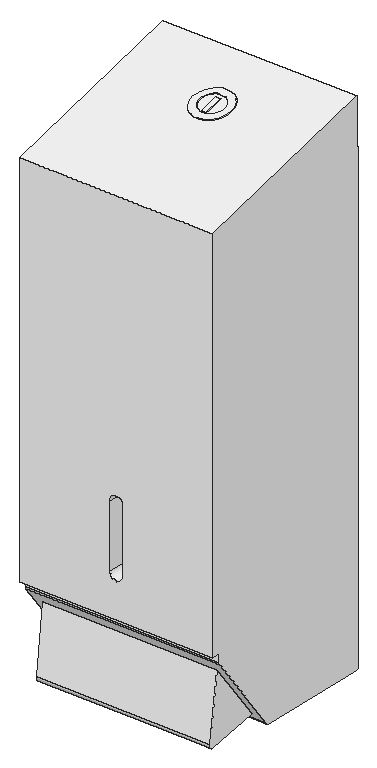
Revit family "IDP_Furniture_DIS930-SOAP DISPENSER", category Furniture, Revit 2026
Family settings
  Work Plane-Based = No
  Enable Cutting in Views = Yes
  Always vertical = Yes
  Cut with Voids When Loaded = No
  Render Appearance Source = Family Geometry
  Shared = Yes
  Room Calculation Point = No
Parameters (values of type "DIS930")
  Uniclass2015_Pr = "Pr_40_70_22_81 : Soap dispensers"
  SFG20 = ""
  NRM3 = ""
  NRM1 = ""
  Height = 0 mm
  DispenserLockMaterial = NBS_Concept
  DispenserCaseMaterial = NBS_Concept
  Description = "SOAP DISPENSER"
  Default Elevation = 1000 mm
  ADBUserData1 = "R1"
  ADBGroup = "2"
  ADBDescription = "DISPENSER, soap, 1litre, automatic (non-touch), wall mounted"
  ADBCode = "DIS930"
Reference planes
  plane 1 "Center (Front/Back)": y = 0
  plane 2: z = 0
  plane 3 "Center (Left/Right)": x = 0
  plane 4: through (-56, -60.459, 1.421) normal (0, -0.7986, -0.6018)
  plane 5: through (-56, -87.182, 36.884) normal (0, 0.7986, 0.6018)
  plane 6: z = 47.011
  plane 7: y = -0.723
  plane 8: y = -1.647
  plane 9: y = -91.302
  plane 10: through (-45.425, -90.141, 5.234) normal (0, -0.9919, 0.1272)
  plane 11: through (-45.425, -78.833, 1.89) normal (0, 0.1908, -0.9816)
  plane 12: through (-45.425, -90.051, 40.691) normal (0, 0.7986, 0.6018)
  plane 13: through (-50.5, -60.892, 1.995) normal (0, -0.7986, -0.6018)
  plane 14: through (-50.5, -87.299, 27.397) normal (0, 0.9919, -0.1272)
  plane 15: through (-50.5, -68.388, 3.921) normal (0, 0.1908, -0.9816)
Forms (mm)
  Extrusion 1, solid, material "NBS_Concept" <- "DispenserCaseMaterial", detail levels coarse
    sketch origin (-56, 0, 124.592) x (0, 0, 1) y (0, -1, 0)
      loop
        line (-124.592, 59.388) -> (-124.592, 0) -> (144.408, 0) -> (120.722, 95) -> (-77.334, 95) -> (-124.592, 59.388)
    from 5.5 to 106.5
  Extrusion 2, solid, material "NBS_Concept" <- "DispenserCaseMaterial", detail levels medium+fine
    sketch origin (-56, 0, 124.592) x (0, 0, 1) y (0, -1, 0)
      loop
        line (-82.729, 90.935) -> (-124.053, 59.795)
        arc (-124.053, 59.795) -> (-124.45, 59.318) -> (-124.592, 58.713) r 1.355
        line (-124.592, 58.713) -> (-124.592, 2.115)
        arc (-124.592, 2.115) -> (-124.184, 1.131) -> (-123.2, 0.723) r 1.393
        line (-123.2, 0.723) -> (118.968, 0.723)
        arc (118.968, 0.723) -> (119.905, 0.97) -> (120.599, 1.647) r 1.9
        line (120.599, 1.647) -> (143.997, 1.647) -> (120.722, 95) -> (-77.581, 95) -> (-77.581, 91.302) -> (-81.632, 91.302)
        arc (-81.632, 91.302) -> (-82.21, 91.208) -> (-82.729, 90.935) r 1.823
    from 5.5 to 106.5
  Extrusion 3, solid, material "NBS_Concept" <- "DispenserCaseMaterial", detail levels medium+fine
    sketch origin (-45.425, 0, 124.592) x (0, 0, 1) y (0, -1, 0)
      loop
        line (-119.647, 63.115) -> (-88.955, 86.243) -> (-122.508, 90.545)
        arc (-122.508, 90.545) -> (-124.089, 89.976) -> (-124.554, 88.362) r 1.845
        line (-124.554, 88.362) -> (-119.647, 63.115)
    from 0 to 90.5
  Extrusion 4, solid, material "NBS_Concept" <- "DispenserLockMaterial", detail levels medium+fine
    sketch origin (0, -30.172, 245.605) x (0, 0.970296, 0.241922) y (1, 0, 0)
      loop
        circle (1.339, 0) r 10
      loop
        circle (1.379, 0) r 6.5
      loop
        line (-4.289, -1.117) -> (5.433, -1.117) -> (5.433, 1.097) -> (-4.289, 1.097) -> (-4.289, -1.117)
    from -15.401 to -13.401
  Extrusion 5, solid, material "NBS_Concept", detail levels coarse
    sketch origin (-50.5, 0, 124.592) x (0, 0, 1) y (0, -1, 0)
      loop
        line (-88.955, 86.243) -> (-125.042, 90.869) -> (-119.647, 63.115) -> (-88.955, 86.243)
    from 5.075 to 95.575
  Extrusion 6, void, detail levels medium+fine
    sketch origin (0, 0, 124.592) x (1, 0, 0) y (0, 0, 1)
      loop
        line (-3.519, -23.12) -> (-3.519, -56.12)
        arc (-3.519, -56.12) -> (-0.019, -59.62) -> (3.481, -56.12) r 3.5
        line (3.481, -56.12) -> (3.481, -23.12)
        arc (3.481, -23.12) -> (-0.019, -19.62) -> (-3.519, -23.12) r 3.5
    from 29.411 to 95
Cuts and joins
  Extrusion 6 cuts Extrusion 1
  Extrusion 6 cuts Extrusion 2
Lines and regions (mm)
  model lines
    curve 1: line (-50.5, 0, 0) -> (50.5, 0, 0)
    curve 2: line (-50.5, -95, 0) -> (-50.5, 0, 0)
    curve 3: line (50.5, -95, 0) -> (-50.5, -95, 0)
    curve 4: line (50.5, 0, 0) -> (50.5, -95, 0)
    curve 6: circle (0, -32.382, 0) r 10 normal (0, 0, 1)
  symbolic lines
    curve 5: circle (0.073, -32.261, 0) r 6.49 normal (0, 0, 1)
Dimensions and locks
  aligned and locked: Extrusion 1 sketch curve to plane 4
  aligned and locked: Extrusion 2 sketch curve to plane 5
  aligned and locked: Extrusion 2 sketch curve to plane 6
  aligned and locked: Extrusion 2 sketch curve to plane 7
  aligned and locked: Extrusion 2 sketch curve to plane 8
  aligned and locked: Extrusion 2 sketch curve to plane 9
  aligned and locked: Extrusion 3 sketch curve to plane 11
  aligned and locked: Extrusion 3 sketch curve to plane 10
  aligned and locked: Extrusion 3 sketch curve to plane 12
  aligned and locked: Extrusion 4 to Extrusion 1
  aligned and locked: Extrusion 5 sketch curve to plane 14
  aligned and locked: Extrusion 5 sketch curve to plane 15
  aligned and locked: Extrusion 5 to Extrusion 3  (x2)
